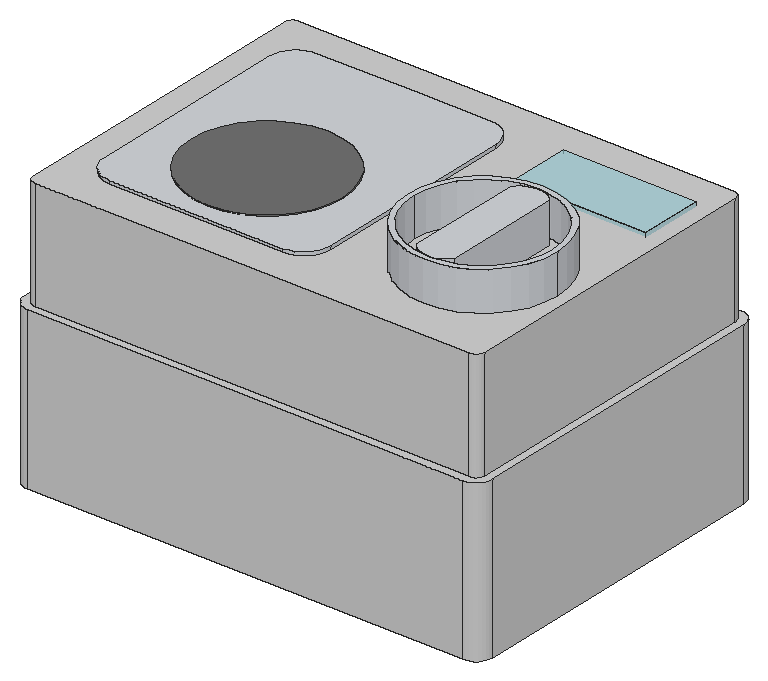
Revit family "Building-IEC309Connections-GEWISS-44IB-INTERLOCKED-SOCKET-OUTLETS_IP44_WITH_BOTTOM", category Apparecchi elettrici, host Superficie, Revit 2019
Family settings
  Host = Superficie
  Mantenere orientamento annotazione = Sì
  Quota connettore circolare = Usa diametro
  Tipo di parte = Normale
  Taglio con vuoti quando caricato = No
  Condiviso = No
  Punto di calcolo locali = Sì
Parameters (values of type "GW66022 - 32A 3P+N+E 500V H.INT.SOCK.O.W.B. 7H SBF")
  visibilita posizionamento 2d [instance] = yes
  simbolo acceso [instance] = yes
  oggetto in pianta [instance] = not(visibilita posizionamento 2d)  # no
  distanza_simbolo [instance] = 1 mm
  distanza dal piano [instance] = 10 mm
  Working temperature = "-25 ÷ +40 °C"
  With back-mounting box = "Yes"
  W = 115 mm  # constant formula
  Voltaggio = 0 V
  Version file RFA = "21.4"
  VETRO = Vetro
  URL = "https://www.gewiss.com/ww/en"
  Typology = "Horizontal"
  Thermo-pressure with ball = "125 °C (active parts) - 80 °C (passive parts)"
  Technical sheet = "https://www.gewiss.com/ww/en/search?q=GW66022"
  Spostamento_effettivo_S [instance] = 4000 mm - Spostamento_S  # 3500 mm
  Spostamento_S = 500 mm
  Simbolo circuito [instance] = not(simbolo acceso)  # no
  Shock resistance = "IK08"
  STRUTTURA ALTA = blue
  STRUTTURA = RAL - 7035
  SEO = "Socket outlet"
  Reference h = "7"
  Realized by GEWISS S.p.A. = ""
  Rated voltage = "480-500V"
  Rated frequency (Hz) = "50/60 Hz"
  Rated current (In) = "32"
  Rated current (A) = "32"
  Protection = "NO (SBF)"
  Default Elevation = 1219.2 mm
  Produttore = "GEWISS S.p.A."
  PRESA = Giallo
  POMELLO = bianco
  Operating temperature: = "-25 +40 °C"
  Number of poles = "3P+N+E"
  No. of poles = "3P+N+E"
  N_poli = 1
  Modello = "GW66022"
  L = 155 mm  # constant formula
  Immagine tipo = IP44Fondo.jpg
  IP degree = "IP44"
  IDT = "54ab296f-77ff-4020-be1a-67a03cbf098f"
  IDF = "e013b842-d6f1-4fba-800c-bd3a9423ad0b"
  Glow wire test: = "850 °C (active parts) - 650 °C (passive parts)"
  Glow Wire Test = "850 °C (active parts) - 650 °C (passive parts)"
  Frequency = "50/60 Hz"
  FORMULA = 1000 mm * 1  # 1000 mm
  Electrocod = "2220"
  EAN code = "8011564006218"
  Descrizione = "32A 3P+N+E 500V H.INT.SOCK.O.W.B. 7H SBF"
  Colour: = "Black"
  Colour = "Black"
  Catalogue Range = "44 IB"
  Catalogue = "BUILDING"
  COBie.Tagnumber = ""
  COBie.CreatedOn = ""
  COBie.CreatebBy = ""
  COBie.ComponentRegisterItemID = ""
  COBie.Component.TagNumber = ""
  COBie.Component.Space = ""
  COBie.Component.SerialNumber = ""
  COBie.Component.InstallationDate = ""
  COBie.Component.Description = ""
  COBie.Component.BarCode = ""
  BLOCCO = "B=C"
Types (22, lengths in mm): name | Technical sheet | Reference h | Rated voltage | Rated current (In) | Rated current (A) | Number of poles | No. of poles | Modello | IDT | EAN code | Descrizione | Colour: | Colour
  GW66001 - 16A 2P+E 110V H.INT.SOCK.O.W.B. 4H SBF | "https://www.gewiss.com/ww/en/search?q=GW66001" | "4" | "100-130V" | "16" | "16" | "2P+E" | "2P+E" | "GW66001" | "a3f7bddc-b5c9-4c70-9209-5b46b690e596" | "8011564005792" | "16A 2P+E 110V H.INT.SOCK.O.W.B. 4H SBF" | "Yellow" | "Yellow"
  GW66002 - 16A 3P+E 110V H.INT.SOCK.O.W.B. 4H SBF | "https://www.gewiss.com/ww/en/search?q=GW66002" | "4" | "100-130V" | "16" | "16" | "3P+E" | "3P+E" | "GW66002" | "4163d0c6-aca8-494a-9caf-537630b581cb" | "8011564005853" | "16A 3P+E 110V H.INT.SOCK.O.W.B. 4H SBF" | "Yellow" | "Yellow"
  GW66003 - 16A 3P+N+E 110V H.INT.SOCK.O.W.B. 4H SBF | "https://www.gewiss.com/ww/en/search?q=GW66003" | "4" | "100-130V" | "16" | "16" | "3P+N+E" | "3P+N+E" | "GW66003" | "4909dd62-c378-4db2-a513-8fa569881707" | "8011564005877" | "16A 3P+N+E 110V H.INT.SOCK.O.W.B. 4H SBF" | "Yellow" | "Yellow"
  GW66004 - 16A 2P+E 230V H.INT.SOCK.O.W.B. 6H SBF | "https://www.gewiss.com/ww/en/search?q=GW66004" | "6" | "200-250V" | "16" | "16" | "2P+E" | "2P+E" | "GW66004" | "68a58e34-4234-41ab-b0aa-5701159f1353" | "8011564005808" | "16A 2P+E 230V H.INT.SOCK.O.W.B. 6H SBF" | "Blue" | "Blue"
  GW66005 - 16A 3P+E 230V H.INT.SOCK.O.W.B. 9H SBF | "https://www.gewiss.com/ww/en/search?q=GW66005" | "9" | "200-250V" | "16" | "16" | "3P+E" | "3P+E" | "GW66005" | "52d1561d-2a1b-42a8-b4af-8eca2dd6daf1" | "8011564005815" | "16A 3P+E 230V H.INT.SOCK.O.W.B. 9H SBF" | "Blue" | "Blue"
  GW66006 - 16A 3P+N+E 230V H.INT.SOCK.O.W.B. 9H SBF | "https://www.gewiss.com/ww/en/search?q=GW66006" | "9" | "200-250V" | "16" | "16" | "3P+N+E" | "3P+N+E" | "GW66006" | "5a28dd20-1caf-43ae-815d-48ac05425b7a" | "8011564005884" | "16A 3P+N+E 230V H.INT.SOCK.O.W.B. 9H SBF" | "Blue" | "Blue"
  GW66007 - 16A 2P+E 400V H.INT.SOCK.O.W.B. 9H SBF | "https://www.gewiss.com/ww/en/search?q=GW66007" | "9" | "380-415V" | "16" | "16" | "2P+E" | "2P+E" | "GW66007" | "fb047202-5551-429f-9e99-7b5aebd2bce8" | "8011564005846" | "16A 2P+E 400V H.INT.SOCK.O.W.B. 9H SBF" | "Red" | "Red"
  GW66008 - 16A 3P+E 400V H.INT.SOCK.O.W.B. 6H SBF | "https://www.gewiss.com/ww/en/search?q=GW66008" | "6" | "380-415V" | "16" | "16" | "3P+E" | "3P+E" | "GW66008" | "37e85ae2-f5b5-4517-93ec-6809111a9bf1" | "8011564005822" | "16A 3P+E 400V H.INT.SOCK.O.W.B. 6H SBF" | "Red" | "Red"
  GW66009 - 16A 3P+N+E 400V H.INT.SOCK.O.W.B. 6H SBF | "https://www.gewiss.com/ww/en/search?q=GW66009" | "6" | "380-415V" | "16" | "16" | "3P+N+E" | "3P+N+E" | "GW66009" | "8810f1d4-6790-4849-8179-3e8b86234cba" | "8011564005839" | "16A 3P+N+E 400V H.INT.SOCK.O.W.B. 6H SBF" | "Red" | "Red"
  GW66010 - 16A 3P+E 500V H.INT.SOCK.O.W.B. 7H SBF | "https://www.gewiss.com/ww/en/search?q=GW66010" | "7" | "480-500V" | "16" | "16" | "3P+E" | "3P+E" | "GW66010" | "df0f9a86-c772-42fd-8cd7-bff315a128d0" | "8011564005860" | "16A 3P+E 500V H.INT.SOCK.O.W.B. 7H SBF" | "Black" | "Black"
  GW66011 - 16A 3P+N+E 500V H.INT.SOCK.O.W.B. 7H SBF | "https://www.gewiss.com/ww/en/search?q=GW66011" | "7" | "480-500V" | "16" | "16" | "3P+N+E" | "3P+N+E" | "GW66011" | "8156e431-96de-4fb2-92ac-bff0f0a21d1c" | "8011564006096" | "16A 3P+N+E 500V H.INT.SOCK.O.W.B. 7H SBF" | "Black" | "Black"
  GW66012 - 32A 2P+E 110V H.INT.SOCK.O.W.B. 4H SBF | "https://www.gewiss.com/ww/en/search?q=GW66012" | "4" | "100-130V" | "32" | "32" | "2P+E" | "2P+E" | "GW66012" | "cfa100f8-553e-46ba-b6cb-1415eb4d983e" | "8011564006140" | "32A 2P+E 110V H.INT.SOCK.O.W.B. 4H SBF" | "Yellow" | "Yellow"
  GW66013 - 32A 3P+E 110V H.INT.SOCK.O.W.B. 4H SBF | "https://www.gewiss.com/ww/en/search?q=GW66013" | "4" | "100-130V" | "32" | "32" | "3P+E" | "3P+E" | "GW66013" | "1230e05d-d1e4-4735-9249-c7c564bf6715" | "8011564006164" | "32A 3P+E 110V H.INT.SOCK.O.W.B. 4H SBF" | "Yellow" | "Yellow"
  GW66014 - 32A 3P+N+E 110V H.INT.SOCK.O.W.B. 4H SBF | "https://www.gewiss.com/ww/en/search?q=GW66014" | "4" | "100-130V" | "32" | "32" | "3P+N+E" | "3P+N+E" | "GW66014" | "0888c3c8-2d52-45ff-9f3d-c5e786c49ba1" | "8011564006195" | "32A 3P+N+E 110V H.INT.SOCK.O.W.B. 4H SBF" | "Yellow" | "Yellow"
  GW66015 - 32A 2P+E 230V H.INT.SOCK.O.W.B. 6H SBF | "https://www.gewiss.com/ww/en/search?q=GW66015" | "6" | "200-250V" | "32" | "32" | "2P+E" | "2P+E" | "GW66015" | "f28ceccb-df85-4c81-ada8-176a508920dd" | "8011564006102" | "32A 2P+E 230V H.INT.SOCK.O.W.B. 6H SBF" | "Blue" | "Blue"
  GW66016 - 32A 3P+E 230V H.INT.SOCK.O.W.B. 9H SBF | "https://www.gewiss.com/ww/en/search?q=GW66016" | "9" | "200-250V" | "32" | "32" | "3P+E" | "3P+E" | "GW66016" | "cbdf87e6-d6d8-4471-b32b-d94764dd0be4" | "8011564006171" | "32A 3P+E 230V H.INT.SOCK.O.W.B. 9H SBF" | "Blue" | "Blue"
  GW66017 - 32A 3P+N+E 230V H.INT.SOCK.O.W.B. 9H SBF | "https://www.gewiss.com/ww/en/search?q=GW66017" | "9" | "200-250V" | "32" | "32" | "3P+N+E" | "3P+N+E" | "GW66017" | "d48eb508-2fa2-437c-917b-db812bfefd6b" | "8011564006201" | "32A 3P+N+E 230V H.INT.SOCK.O.W.B. 9H SBF" | "Blue" | "Blue"
  GW66018 - 32A 2P+E 400V H.INT.SOCK.O.W.B. 9H SBF | "https://www.gewiss.com/ww/en/search?q=GW66018" | "9" | "380-415V" | "32" | "32" | "2P+E" | "2P+E" | "GW66018" | "1b72d26a-ba04-433c-aedb-473fd967db95" | "8011564006157" | "32A 2P+E 400V H.INT.SOCK.O.W.B. 9H SBF" | "Red" | "Red"
  GW66019 - 32A 3P+E 400V H.INT.SOCK.O.W.B. 6H SBF | "https://www.gewiss.com/ww/en/search?q=GW66019" | "6" | "380-415V" | "32" | "32" | "3P+E" | "3P+E" | "GW66019" | "347fe79c-85ff-4400-b694-9507616d03e5" | "8011564006126" | "32A 3P+E 400V H.INT.SOCK.O.W.B. 6H SBF" | "Red" | "Red"
  GW66020 - 32A 3P+N+E 400V H.INT.SOCK.O.W.B. 6H SBF | "https://www.gewiss.com/ww/en/search?q=GW66020" | "6" | "380-415V" | "32" | "32" | "3P+N+E" | "3P+N+E" | "GW66020" | "82271bbf-2cad-4fd2-a546-69ebb358dc91" | "8011564006133" | "32A 3P+N+E 400V H.INT.SOCK.O.W.B. 6H SBF" | "Red" | "Red"
  GW66021 - 32A 3P+E 500V H.INT.SOCK.O.W.B. 7H SBF | "https://www.gewiss.com/ww/en/search?q=GW66021" | "7" | "480-500V" | "32" | "32" | "3P+E" | "3P+E" | "GW66021" | "df45329b-e515-4e0d-b766-ab9d36224688" | "8011564006188" | "32A 3P+E 500V H.INT.SOCK.O.W.B. 7H SBF" | "Black" | "Black"
  GW66022 - 32A 3P+N+E 500V H.INT.SOCK.O.W.B. 7H SBF | "https://www.gewiss.com/ww/en/search?q=GW66022" | "7" | "480-500V" | "32" | "32" | "3P+N+E" | "3P+N+E" | "GW66022" | "54ab296f-77ff-4020-be1a-67a03cbf098f" | "8011564006218" | "32A 3P+N+E 500V H.INT.SOCK.O.W.B. 7H SBF" | "Black" | "Black"
Reference planes
  plane 1 "Centro (Fronte/Retro)": y = 0
  plane 2: z = 0
  plane 3 "Centro (Sinistra/Destra)": x = 0
  plane 4: x = -3000
  plane 5: x = 500
  plane 6: through (-313.07, 66.247, 1219.2) normal (0.9397, -0.342, 0)
  plane 7: through (-499.796, -177.063, 1219.2) normal (0.342, 0.9397, 0)
  plane 8: through (528.128, 342.051, 1219.2) normal (0.9397, -0.342, 0)
  plane 9: x = -77.5
  plane 10: x = 77.5
  plane 11: y = -57.5
  plane 12: y = 57.5
  plane 13: z = 10
Forms (mm)
  Extrusion 1, solid, detail levels coarse
    sketch origin (-117, 0, 0) x (1, 0, 0) y (0, 1, 0)
      loop
        line (39.5, 57.5) -> (39.5, -57.5) -> (194.5, -57.5) -> (194.5, 57.5) -> (39.5, 57.5)
    from 10 to 109.049
Lines and regions (mm)
  symbolic lines, visible <- "visibilita posizionamento 2d"
    curve 1: line (-78, 0, 10) -> (-78, 0, 73.456)
    curve 2: line (-78, 0, 73.456) -> (78, 0, 73.456)
    curve 3: line (78, 0, 73.456) -> (78, 0, 10)
    curve 4: line (-75.25, 0, 73.456) -> (-75.25, 0, 97)
    curve 5: line (-75.25, 0, 97) -> (75.25, 0, 97)
    curve 6: line (75.25, 0, 97) -> (75.25, 0, 73.456)
    curve 7: line (-78, 0, 10) -> (78, 0, 10)
  symbolic lines, visible <- "visibilita posizionamento 2d", not visible
    curve 8: line (-78, 0, 0) -> (-78, 0, 63.456)
    curve 9: line (-78, 0, 63.456) -> (78, 0, 63.456)
    curve 10: line (78, 0, 63.456) -> (78, 0, 0)
    curve 11: line (-75.25, 0, 63.456) -> (-75.25, 0, 87)
    curve 12: line (-75.25, 0, 87) -> (75.25, 0, 87)
    curve 13: line (75.25, 0, 87) -> (75.25, 0, 63.456)
    curve 14: line (-78, 0, 0) -> (78, 0, 0)
Text (mm)
  text "B=C*D" at (190.064, 99.613, 0), in view "Livello rif."
Dimensions and locks
  plane 4 to plane 3 "Centro (Sinistra/Destra)" = 3000 mm
  "Spostamento_effettivo_S": plane 4 to plane 5
  equal spacing: plane 9, plane 3 "Centro (Sinistra/Destra)", plane 10
  equal spacing: plane 12, plane 1 "Centro (Fronte/Retro)", plane 11
  "L": plane 9 to plane 10
  "W": plane 12 to plane 11
  "distanza dal piano": plane 13 to plane 2
  angle plane 6 to plane 5 = 20.00°
  angle plane 7 to plane 1 "Centro (Fronte/Retro)" = 20.00°
  angle plane 8 to plane 7 = 90.00°
  aligned and locked: plane 2 to host face
  aligned and locked: level to host face
  aligned and locked: nested 1 to plane 5
  aligned and locked: plane 1 "Centro (Fronte/Retro)" to nested 2
  aligned and locked: plane 9 to Extrusion 1
  aligned and locked: Extrusion 1 to plane 10
  aligned and locked: plane 12 to Extrusion 1
  aligned and locked: Extrusion 1 to plane 11
  aligned and locked: nested 2 to plane 13
  aligned and locked: curve 7 to plane 13
  aligned and locked: Extrusion 1 to plane 13
  aligned and locked: plane 3 "Centro (Sinistra/Destra)" to nested 2
  aligned and locked: plane 5 to nested 3
Automatic sketch dimensions
  host sketch curve to host sketch curve = 2438.4 mm  (x2)
  Extrusion 1 sketch curve to plane 3 "Centro (Sinistra/Destra)" = 77.5 mm
  plane 3 "Centro (Sinistra/Destra)" to Extrusion 1 sketch curve = 77.5 mm
  plane 1 "Centro (Fronte/Retro)" to Extrusion 1 sketch curve = 57.5 mm
  Extrusion 1 sketch curve to plane 1 "Centro (Fronte/Retro)" = 57.5 mm
Nested families
  nested 1: "PRESAINDPFUS" at (500, 247.795, 0), SIMBOLO ACCESO <- "simbolo acceso", Distanza dal muro <- "distanza_simbolo", visible <- "simbolo acceso", type "3P"
    with SIMBOLO ACCESO yes, Distanza dal muro 1 mm, BORDO ACCESO yes
  nested 2: "base_IB PRESE INTERBLOC portaf ORIZ" at (0, 0, 10), type "base_IB PRESE INTERBLOC portaf ORIZ", detail levels medium+fine
  nested 3: "simbolo_circuitoGW66201N" at (500.924, 249.682, 0), Distanza dal muro <- "distanza_simbolo", visible <- "Simbolo circuito", type "3P"
    with SIMBOLO ACCESO yes, Distanza dal muro 1 mm, BORDO ACCESO yes
Connectors
  electrical at (0, -57.5, 59.525), driven by "N_poli", driven by "Voltaggio"
    settings: on Extrusion 1, index 1, voltage 0 V, apparent load 0 VA, apparent load phase1 0 VA, apparent load phase2 0 VA, apparent load phase3 0 VA, power factor 1, load classification "Altro", number of poles 1, system type 31, power factor state 1, is connector primary yes, connector utility no, sub classification motor no, connector description ""
Definition of nested family "base_IB PRESE INTERBLOC portaf ORIZ"
  Parameters (values of type "base_IB PRESE INTERBLOC portaf ORIZ")
    Vetro = none
    Struttura = none
    Spessore = 160 mm
    Default Elevation = 14 mm
    Presa = none
    Lunghezza = 155 mm  # constant formula
    IFC.TypeObject = ""
    IFC.ExportType = ""
    IFC.ExportAs = ""
    H_da terra = 586.883 mm
    COBie.CreatedOn = ""
    COBie.CreatebBy = ""
    COBie.ComponentRegisterItemID = ""
    COBie.Component.TagNumber = ""
    COBie.Component.Space = ""
    COBie.Component.SerialNumber = ""
    COBie.Component.InstallationDate = ""
    COBie.Component.Description = ""
    COBie.Component.BarCode = ""
    Altezza = 115 mm  # constant formula
  Reference planes
    plane 1 "Centro (Fronte/Retro)": y = 0
    plane 2: z = 0
    plane 3 "Centro (Sinistra/Destra)": x = 0
    plane 4: z = 102.5
    plane 5: x = -74.75
    plane 6: x = -77.5
    plane 7: x = 74.75
    plane 8: x = 77.5
    plane 9: y = 57.5
    plane 10: y = -57.5
    plane 11: y = 42.91
    plane 12: y = 21.876
    plane 13: y = -42.91
    plane 14: x = 9.502
    plane 15: x = -65.25
    plane 16: x = -28.836
    plane 17: y = -12.5
    plane 18: z = 53
    plane 19: z = 90.633
    plane 20: z = 89.5
  Forms (mm)
    Extrusion 1, solid, material <- "Struttura"
      sketch origin (0, -661.883, 0) x (1, 0, 0) y (0, 1, 0)
        loop
          arc (-71.956, 719.383) -> (-75.876, 717.759) -> (-77.5, 713.84) r 5.544
          line (-77.5, 713.84) -> (-77.5, 609.927)
          arc (-77.5, 609.927) -> (-75.876, 606.007) -> (-71.956, 604.383) r 5.544
          line (-71.956, 604.383) -> (71.956, 604.383)
          arc (71.956, 604.383) -> (75.876, 606.007) -> (77.5, 609.927) r 5.544
          line (77.5, 609.927) -> (77.5, 713.84)
          arc (77.5, 713.84) -> (75.876, 717.759) -> (71.956, 719.383) r 5.544
          line (71.956, 719.383) -> (-71.956, 719.383)
      from 0 to 53
    Extrusion 2, solid, material <- "Struttura"
      sketch origin (0, -661.883, 0) x (1, 0, 0) y (0, 1, 0)
        loop
          line (-74.75, 713.634) -> (-74.75, 610.133)
          arc (-74.75, 610.133) -> (-73.872, 608.012) -> (-71.751, 607.133) r 3
          line (-71.751, 607.133) -> (71.751, 607.133)
          arc (71.751, 607.133) -> (73.872, 608.012) -> (74.75, 610.133) r 3
          line (74.75, 610.133) -> (74.75, 713.634)
          arc (74.75, 713.634) -> (73.872, 715.755) -> (71.751, 716.633) r 3
          line (71.751, 716.633) -> (-71.751, 716.633)
          arc (-71.751, 716.633) -> (-73.872, 715.755) -> (-74.75, 713.634) r 3
      from 53 to 89.5
    Extrusion 3, solid
      sketch origin (15.318, -702.206, 0) x (1, 0, 0) y (0, 1, 0)
        loop
          circle (30.751, 685.605) r 24.739
        loop
          circle (30.751, 685.605) r 22.94
      from 89.5 to 102.5
    Extrusion 4, solid
      sketch origin (-5.886, -706.709, 0) x (1, 0, 0) y (0, 1, 0)
        loop
          arc (45.579, 670.621) -> (51.876, 667.405) -> (58.173, 670.621) r 7.774
          line (58.173, 670.621) -> (58.173, 709.539)
          arc (58.173, 709.539) -> (51.876, 712.754) -> (45.579, 709.539) r 7.774
          line (45.579, 709.539) -> (45.579, 670.621)
      from 87 to 102.5
    Extrusion 5, solid
      sketch origin (0, -674.005, 0) x (1, 0, 0) y (0, 1, 0)
        loop
          line (-24.677, 717.125) -> (-56.674, 716.915)
          arc (-56.674, 716.915) -> (-62.738, 714.403) -> (-65.25, 708.339) r 8.576
          line (-65.25, 708.339) -> (-65.25, 639.666)
          arc (-65.25, 639.666) -> (-62.74, 633.606) -> (-56.68, 631.096) r 8.57
          line (-56.68, 631.096) -> (0.692, 631.096)
          arc (0.692, 631.096) -> (6.921, 633.676) -> (9.502, 639.905) r 8.81
          line (9.502, 639.905) -> (9.502, 708.235)
          arc (9.502, 708.235) -> (6.898, 714.521) -> (0.611, 717.125) r 8.89
          line (0.611, 717.125) -> (-24.677, 717.125)
      from 87 to 90.489
    Extrusion 6, solid, material <- "Presa"
      sketch origin (0, -677.755, 0) x (1, 0, 0) y (0, 1, 0)
        loop
          circle (-28.836, 665.255) r 25
      from 87 to 90.633
    Extrusion 7, void
      sketch origin (0, -661.883, 0) x (1, 0, 0) y (0, 1, 0)
        loop
          line (69.272, 704.793) -> (25, 704.793) -> (25, 683.759) -> (69.272, 683.759) -> (69.272, 704.793)
      from 84.824 to 87
    Extrusion 8, solid, material <- "Vetro"
      sketch origin (3.168, -571.883, 0) x (1, 0, 0) y (0, 1, 0)
        loop
          line (21.832, 614.793) -> (21.832, 593.759) -> (66.104, 593.759) -> (66.104, 614.793) -> (21.832, 614.793)
      from 82.324 to 90.633
  Cuts and joins
    Extrusion 7 cuts Extrusion 1
    Extrusion 7 cuts Extrusion 2
  Dimensions and locks
    locked: Extrusion 5 to Extrusion 2 at 0.989
    locked: cut or joined group of Extrusion 2, Extrusion 7 to cut or joined group of Extrusion 2, Extrusion 7 at 4.676
    locked: plane 6 to plane 5 at 2.75
    locked: plane 7 to plane 8 at 2.75
    "Lunghezza": plane 6 to plane 8
    cut or joined group of Extrusion 1, Extrusion 7 to cut or joined group of Extrusion 1, Extrusion 7 = 115 mm
    equal spacing: plane 10, plane 1 "Centro (Fronte/Retro)", plane 9
    equal spacing: plane 6, plane 3 "Centro (Sinistra/Destra)", plane 8
    locked: plane 11 to plane 12 at 21.034
    equal spacing: plane 11, plane 1 "Centro (Fronte/Retro)", plane 13
    plane 11 to plane 13 = 85.819 mm
    plane 10 to plane 17 = 45 mm
    plane 18 to level = 53 mm
    plane 18 to plane 20 = 36.5 mm
    locked: plane 20 to plane 4 at 13
    aligned and locked: level to plane 2
    aligned and locked: Extrusion 3 to Extrusion 2
    aligned and locked: Extrusion 3 to plane 4
    aligned and locked: Extrusion 4 to plane 4
    aligned and locked: plane 10 to Extrusion 1 sketch curve
    aligned and locked: plane 9 to Extrusion 1 sketch curve
    aligned and locked: plane 6 to Extrusion 1 sketch curve
    aligned and locked: Extrusion 1 sketch curve to plane 8
    aligned and locked: Extrusion 7 sketch curve to Extrusion 8
    aligned and locked: cut or joined group of Extrusion 2, Extrusion 7 to Extrusion 8
    aligned and locked: Extrusion 8 sketch curve to plane 11
    aligned and locked: plane 12 to Extrusion 8 sketch curve
    aligned and locked: Extrusion 5 sketch curve to plane 13
    aligned and locked: plane 15 to Extrusion 5 sketch curve
    aligned and locked: Extrusion 5 sketch curve to plane 14
    aligned and locked: plane 17 to Extrusion 6 sketch curve
    aligned and locked: plane 16 to Extrusion 6 sketch curve
    aligned and locked: plane 11 to Extrusion 7 sketch curve
    aligned and locked: cut or joined group of Extrusion 1, Extrusion 7 to plane 18
    aligned and locked: plane 18 to cut or joined group of Extrusion 1, Extrusion 7
    aligned and locked: Extrusion 2 to cut or joined group of Extrusion 1, Extrusion 7
    aligned and locked: cut or joined group of Extrusion 2, Extrusion 7 to plane 20
    aligned and locked: Extrusion 8 to plane 19
  Automatic sketch dimensions
    Extrusion 1 sketch curve to plane 5 = 2.794 mm  (x2)
    plane 7 to Extrusion 1 sketch curve = 2.794 mm  (x2)
    Extrusion 2 sketch curve to plane 5 = 0 mm
    Extrusion 2 sketch curve to plane 7 = 0 mm
    Extrusion 2 sketch curve to plane 5 = 3 mm  (x2)
    Extrusion 2 sketch curve to Extrusion 2 sketch curve = 3 mm
    plane 7 to Extrusion 2 sketch curve = 3 mm
    Extrusion 2 sketch curve to plane 10 = 2.75 mm
    plane 9 to Extrusion 2 sketch curve = 5.749 mm
    Extrusion 3 sketch curve to Extrusion 3 sketch curve = 0 mm  (x2)
    plane 7 to Extrusion 3 sketch curve = 28.681 mm
    plane 9 to Extrusion 3 sketch curve = 74.101 mm
    Extrusion 5 sketch curve to Extrusion 5 sketch curve = 8.57 mm
    Extrusion 5 sketch curve to Extrusion 5 sketch curve = 8.576 mm
    Extrusion 5 sketch curve to Extrusion 5 sketch curve = 8.81 mm
    Extrusion 5 sketch curve to Extrusion 5 sketch curve = 8.89 mm
    plane 3 "Centro (Sinistra/Destra)" to Extrusion 7 sketch curve = 25 mm
    plane 3 "Centro (Sinistra/Destra)" to Extrusion 8 sketch curve = 25 mm
    plane 7 to Extrusion 8 sketch curve = 5.478 mm
    Extrusion 5 sketch curve to plane 11 = 0 mm
    Extrusion 5 sketch curve to plane 11 = 8.68 mm
    Extrusion 5 sketch curve to plane 3 "Centro (Sinistra/Destra)" = 24.677 mm
    Extrusion 4 sketch curve to plane 13 = 6.821 mm  (x2)
    plane 14 to Extrusion 4 sketch curve = 30.191 mm
    Extrusion 4 sketch curve to Extrusion 4 sketch curve = 6.297 mm  (x2)
    plane 1 "Centro (Fronte/Retro)" to Extrusion 4 sketch curve = 1.729 mm
    Extrusion 4 sketch curve to Extrusion 4 sketch curve = 4.559 mm
    Extrusion 4 sketch curve to plane 1 "Centro (Fronte/Retro)" = 2.83 mm
    Extrusion 7 sketch curve to plane 12 = 0 mm
    radius of Extrusion 3 sketch curve = 24.739 mm
    radius of Extrusion 3 sketch curve = 22.94 mm
    radius of Extrusion 6 sketch curve = 25 mm
Definition of nested family "PRESAINDPFUS"
  Parameters (values of type "2P")
    SIMBOLO ACCESO [instance] = yes
    SIMBOLO = PRESAINDPFUS_BASE : 2P
    Distanza dal muro [instance] = 0 mm
    BORDO ACCESO [instance] = yes
  Types (2, lengths in mm): name | SIMBOLO
    2P | PRESAINDPFUS_BASE : 2P
    3P | PRESAINDPFUS_BASE : 3P
  Reference planes
    plane 1: y = 0
    plane 2: x = 0
  Dimensions and locks
    "Distanza dal muro": plane 1 to nested 1
    aligned and locked: plane 2 to nested 1
  Nested families
    nested 1: "PRESAINDPFUS_BASE" at (0, 0, 0), type <- "SIMBOLO", CORNICE SIMBOLO <- "BORDO ACCESO", visible <- "SIMBOLO ACCESO", type "2P"
  Definition of nested family "PRESAINDPFUS_BASE"
    Parameters (values of type "3P")
      CORNICE SIMBOLO [instance] = yes
      3P = yes
    Types (2, lengths in mm): name | 3P
      3P | yes
      2P | no
    Reference planes
      plane 1: y = 0
      plane 2: x = 0
    Lines and regions (mm)
      detail lines, visible <- "CORNICE SIMBOLO"
        curve 1: line (-0.9, 2.4, 0) -> (0.9, 2.4, 0)
        curve 2: line (0.9, 2.4, 0) -> (0.9, 0.1, 0)
        curve 3: line (0.9, 0.1, 0) -> (-0.9, 0.1, 0)
        curve 4: line (-0.9, 0.1, 0) -> (-0.9, 2.4, 0)
      detail lines, not visible
        curve 5: line (-2.443, 10.208, 0) -> (2.057, 10.208, 0)
        curve 6: line (2.057, 10.208, 0) -> (2.057, 4.208, 0)
        curve 7: line (2.057, 4.208, 0) -> (-2.443, 4.208, 0)
        curve 8: line (-2.443, 4.208, 0) -> (-2.443, 10.208, 0)
        curve 9: line (-2.043, 9.808, 0) -> (1.657, 9.808, 0)
        curve 10: line (1.657, 9.808, 0) -> (1.657, 4.608, 0)
        curve 11: line (1.657, 4.608, 0) -> (-2.043, 4.608, 0)
        curve 12: line (-2.043, 4.608, 0) -> (-2.043, 9.808, 0)
      detail lines
        curve 13: line (-0.45, 1.069, 0) -> (-0.167, 1.069, 0)
        curve 14: line (-0.167, 1.069, 0) -> (0.33, 1.929, 0)
        curve 15: line (0.33, 1.929, 0) -> (0.836, 1.636, 0)
        curve 16: line (-0.167, 1.069, 0) -> (-0.45, 0.578, 0)
        curve 17: line (-0.45, 0.578, 0) -> (-0.45, 2.341, 0)
        curve 18: line (0.135, 1.591, 0) -> (0.641, 1.299, 0)
        curve 19: line (-0.84, 0.578, 0) -> (-0.06, 0.578, 0)
        curve 20: line (-0.45, 0.952, 0) -> (-0.333, 1.069, 0)
        curve 21: line (-0.45, 0.883, 0) -> (-0.264, 1.069, 0)
        curve 22: line (-0.45, 0.814, 0) -> (-0.195, 1.069, 0)
        curve 23: line (-0.45, 0.745, 0) -> (-0.223, 0.972, 0)
        curve 24: line (-0.45, 0.676, 0) -> (-0.317, 0.809, 0)
        curve 26: arc (-0.84, 0.189, 0) -> (-0.45, 0.578, 0) -> (-0.06, 0.189, 0) r 0.39
        curve 27: line (-0.608, 1.243, 0) -> (-0.608, 2.064, 0)
        curve 28: line (-0.608, 2.064, 0) -> (-0.292, 2.064, 0)
        curve 29: line (-0.292, 2.064, 0) -> (-0.292, 1.243, 0)
        curve 30: line (-0.292, 1.243, 0) -> (-0.608, 1.243, 0)
      detail lines, visible <- "3P"
        curve 25: line (-0.06, 1.254, 0) -> (0.446, 0.961, 0)
Definition of nested family "simbolo_circuitoGW66201N"
  Parameters (values of type "3P")
    SIMBOLO ACCESO [instance] = yes
    SIMBOLO = PRESAINDSTAGNA_BASE : 3P
    Distanza dal muro [instance] = 0 mm
    BORDO ACCESO [instance] = yes
  Reference planes
    plane 1: y = 0
    plane 2: x = 0
  Dimensions and locks
    "Distanza dal muro": plane 1 to nested 1
    aligned and locked: plane 2 to nested 1
  Nested families
    nested 1: "GW66201N-simb_base_di circuito" at (0, 0, 0), visible <- "SIMBOLO ACCESO", type "3P"
      with CORNICE SIMBOLO yes
  Definition of nested family "GW66201N-simb_base_di circuito"
    Parameters (values of type "3P")
      CORNICE SIMBOLO [instance] = yes
      3P = yes
    Types (2, lengths in mm): name | 3P
      3P | yes
      2P | no
    Reference planes
      plane 1: y = 0
      plane 2: x = 0
    Lines and regions (mm)
      detail lines, not visible
        curve 1: line (-2.443, 10.208, 0) -> (2.057, 10.208, 0)
        curve 2: line (2.057, 10.208, 0) -> (2.057, 4.208, 0)
        curve 3: line (2.057, 4.208, 0) -> (-2.443, 4.208, 0)
        curve 4: line (-2.443, 4.208, 0) -> (-2.443, 10.208, 0)
        curve 5: line (-2.043, 9.808, 0) -> (1.657, 9.808, 0)
        curve 6: line (1.657, 9.808, 0) -> (1.657, 4.608, 0)
        curve 7: line (1.657, 4.608, 0) -> (-2.043, 4.608, 0)
        curve 8: line (-2.043, 4.608, 0) -> (-2.043, 9.808, 0)
    Dimensions and locks
      aligned and locked: import instance to plane 2
      aligned and locked: plane 1 to import instance
